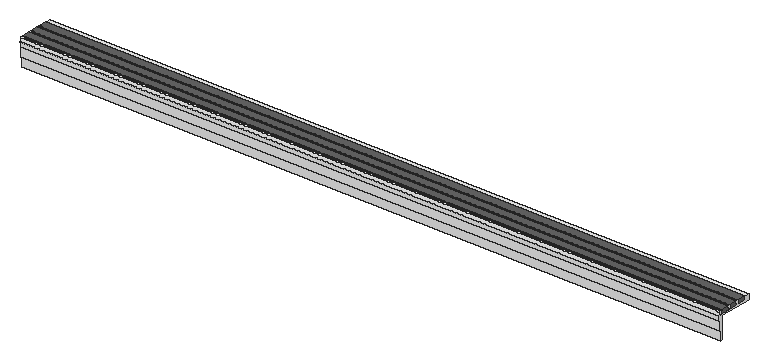
Revit family "Stair_Tread-Wooster-Supergrit_Safety_Treads-122", category Specialty Equipment, host Face, Revit 2017
Family settings
  Host = Face
  Round Connector Dimension = Use Diameter
  Part Type = Normal
  OmniClass Number = 23.30.70.21.11.11.11
  OmniClass Title = Stair Nosings
  Cut with Voids When Loaded = No
  Shared = No
  Room Calculation Point = No
Parameters (values of type "122")
  Width [instance] = 0' - 1 7/8"  # constant formula
  Version = "2017 - v2.0a"  # constant formula
  URL = "http://www.wooster-products.com/"
  Support Phone = "(224) 699-9545"  # constant formula
  Support Email = "mailto:support@anguleris.com"
  Safety Tread [instance] = Filler - Wooster - Black - Abrasive Filler
  Product Page URL = "http://www.woosterproducts.com/products/extruded-aluminum/supergrit/"
  Product Name = "Supergrit Nosings / Warning Strips"  # constant formula
  Product Documentation Link = "http://www.woosterproducts.com/spec/122.pdf"
  Model = "122"
  Material = ""
  Manufacturer Phone Number = "1-800-321-4936 or 330-264-2844"  # constant formula
  Manufacturer Fax Number = "330-262-4151"  # constant formula
  Manufacturer Email = "mailto:tim@wooster-products.com"
  Manufacturer Address = "1000 Spruce Street, P.O. BOX 6005, Wooster, OH. 44691"  # constant formula
  Manufacturer = "Wooster Productions Inc"  # constant formula
  Length Constraint [instance] = if(Length > 12' 0", 12' 0", Length)  # 3' - 0"
  Length [instance] = 3' - 0"
  Description = "Anti-Slip Stair Nosing"  # constant formula
  Depth = 0' - 0 1/4"  # constant formula
  Default Elevation = 0' - 0"  # constant formula
  Copyright = "Wooster Products Inc. 2019"  # constant formula
  Construction Type = "Existing Construction"  # constant formula
Values of the unnamed type that differ from the named types
  Support Email = ""
  Product Page URL = "http://www.wooster-products.com/Supergrit_Safety_Treads.html"
  Product Documentation Link = "http://wooster-products.com/pub/Specs/122.pdf"
  Manufacturer Email = ""
Reference planes (in)
  plane 1 "Center (Front/Back)": y = 0
  plane 2: z = 0
  plane 3 "Center (Left/Right)": x = 0
  plane 4 "Left": x = -18
  plane 5 "Right": x = 18
  plane 6 "Back": y = 0.9375
  plane 7 "Front": y = -0.9375
  plane 8 "Bottom": z = -0.23438
  plane 9: z = 0.01562
Forms (in)
  Sweep 1, void
    path origin (0, 24.00422, 0.01562) x (0, 1, 0) y (-1, 0, 0)
      loop
        line (-23.06672, -18) -> (-23.06672, 18)
    profile "Void : Void" origin (0, 0.9375, 0.01562) x (0, -1, 0) y (0, 0, 1)
      loop
        line (0, 0) -> (0, -0.24999) -> (1.65352, -0.24999)
        arc (1.65352, -0.24999) -> (1.69743, -0.26835) -> (1.71521, -0.3125) r 0.0617
        line (1.71521, -0.3125) -> (1.71521, -1.375) -> (1.87073, -1.375) -> (1.87073, 0) -> (0, 0)
  Sweep 2, solid, material "Filler - Wooster - Black - Abrasive Filler" <- "Safety Tread"
    path origin (0, 24.00422, 0.01562) x (0, 1, 0) y (-1, 0, 0)
      loop
        line (-23.06672, -18) -> (-23.06672, 18)
    profile "Abrasive Filler : Abrasive Filler" origin (0, 0.9375, 0.01562) x (0, -1, 0) y (0, 0, 1)
      loop
        line (1.28078, -0.18749) -> (1.75378, -0.18749) -> (1.71796, 0.03125) -> (1.31197, 0.03125) -> (1.31197, 0) -> (1.28078, -0.18749)
      loop
        line (0.78098, 0) -> (0.74979, -0.18749) -> (1.21828, -0.18749) -> (1.18697, 0) -> (1.18697, 0.03125) -> (0.78098, 0.03125) -> (0.78098, 0)
      loop
        line (0.21879, -0.18749) -> (0.68729, -0.18749) -> (0.65598, 0) -> (0.65598, 0.03125) -> (0.24998, 0.03125) -> (0.24998, 0) -> (0.21879, -0.18749)
  Sweep 3, solid, material "Metal - Wooster - Extruded Aluminum"
    path origin (0, 24.00422, 0.01562) x (0, 1, 0) y (-1, 0, 0)
      loop
        line (-23.06672, -18) -> (-23.06672, 18)
    profile "Aluminum Base : Aluminum Base" origin (0, 0.9375, 0.01562) x (0, -1, 0) y (0, 0, 1)
      loop
        line (0, 0) -> (0, -0.24999) -> (1.65352, -0.24999)
        arc (1.65352, -0.24999) -> (1.69743, -0.26835) -> (1.71521, -0.3125) r 0.0617
        line (1.71521, -0.3125) -> (1.71521, -1.375) -> (1.77698, -1.375) -> (1.77698, -0.886) -> (1.82385, -0.886) -> (1.82385, -0.42801) -> (1.87073, -0.42801) -> (1.87073, -0.16941)
        arc (1.87073, -0.16941) -> (1.8548, -0.09995) -> (1.83106, -0.03275) r 0.6247
        arc (1.83106, -0.03275) -> (1.78398, 0.00806) -> (1.72508, -0.01226) r 0.06235
        line (1.72508, -0.01226) -> (1.75378, -0.18749) -> (1.28078, -0.18749) -> (1.31197, 0) -> (1.18697, 0) -> (1.21828, -0.18749) -> (0.74979, -0.18749) -> (0.78098, 0) -> (0.65598, 0) -> (0.68729, -0.18749) -> (0.21879, -0.18749) -> (0.24998, 0) -> (0, 0)
Lines and regions (in)
  Masking region 1
    outline origin (0, 0, 0) x (1, 0, 0) y (0, 1, 0)
      loop
        line (-18, 0.9375) -> (-18, -0.9375) -> (18, -0.9375) -> (18, 0.9375) -> (-18, 0.9375)
Dimensions and locks (in)
  equal spacing: plane 4 "Left", plane 3 "Center (Left/Right)", plane 5 "Right"
  "Length Constraint": plane 4 "Left" to plane 5 "Right"
  equal spacing: plane 7 "Front", plane 1 "Center (Front/Back)", plane 6 "Back"
  "Width": plane 7 "Front" to plane 6 "Back"
  "Depth": plane 9 to plane 8 "Bottom"
  locked: plane 2 to plane 8 "Bottom" at 0.23438
  aligned and locked: plane 2 to host face
  aligned and locked: level to host face
  aligned and locked: plane 5 "Right" to Sweep 1 sketch curve
  aligned and locked: plane 4 "Left" to Sweep 1 sketch curve
  aligned and locked: plane 6 "Back" to Sweep 1 sketch curve
  aligned and locked: plane 5 "Right" to Sweep 2 sketch curve
  aligned and locked: plane 4 "Left" to Sweep 2 sketch curve
  aligned and locked: plane 6 "Back" to Sweep 2 sketch curve
  aligned and locked: plane 5 "Right" to Sweep 3 sketch curve
  aligned and locked: plane 4 "Left" to Sweep 3 sketch curve
  aligned and locked: Masking region 1 sketch curve to plane 6 "Back"
  aligned and locked: Masking region 1 sketch curve to plane 7 "Front"
  aligned and locked: plane 4 "Left" to Masking region 1 sketch curve
  aligned and locked: plane 5 "Right" to Masking region 1 sketch curve
  aligned and locked: plane 6 "Back" to Sweep 3 sketch curve
Automatic sketch dimensions
  host sketch curve to host sketch curve = 8' - 0"
  host sketch curve to host sketch curve = 4' - 0"
